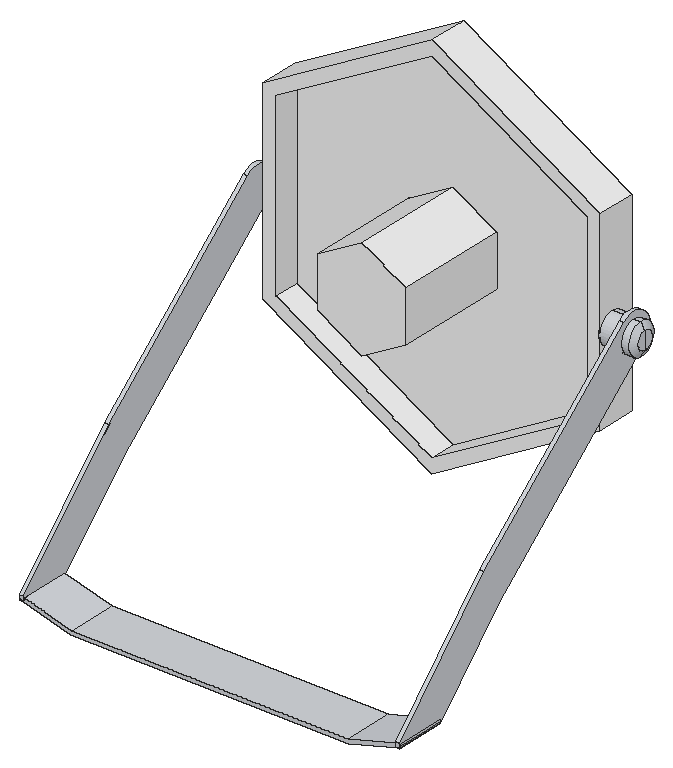
Revit family "Lighting-Proiezione-GEWISS-ESALITE-FL-PROIETTORI-LED_20K_DALI", category Apparecchi per illuminazione, host Superficie, Revit 2019
Family settings
  Host = Superficie
  Quota connettore circolare = Usa diametro
  Tipo di parte = Normale
  Taglio con vuoti quando caricato = No
  Sorgente d'illuminazione = Sì
  Condiviso = No
  Punto di calcolo locali = Sì
Parameters (values of type "GWS6445GD - ESALITE 20K ELL.4000K PRO+V.GR.DALI")
  staffa = none
  Wattage = 9.2903 W
  Versioni = "Luce naturale 4000K"
  Versione file RFA = "20.11"
  Variazione temperatura colore lampada con luminosità attenuata = (empty or 0)
  VISIBILITA' SIMBOLO [instance] = yes
  VISIBILITA' LAMPADA PIANTA-LATERALE [instance] = not(VISIBILITA' SIMBOLO)  # no
  VISIBILITA' ETICHETTA [instance] = yes
  V = 0 V
  URL = "https://www.gewiss.com/it/it"
  Tipo alimentatore = "Driver Led Dali"
  Tensione = "220/240 V - 50/60 Hz"
  Temperatura di utilizzo = "-30 +50 °C"
  Temperatura di colore: = "4000 K (CRI>80)"
  built-in parameter 1150107 = 3200 (stored number, unit not read)
  Spostamento_y_effettivo_ET [instance] = 4000 mm - Spostamento_y_ET  # 2119.2 mm
  Spostamento_y_ET [instance] = 1880.8 mm
  Spostamento_X_effettivo_ET [instance] = 4000 mm - Spostamento_X_ET  # 3850.612 mm
  Spostamento_X_ET [instance] = 149.388 mm
  Schermo = "Vetro temprato"
  Scheda Tecnica = "https://www.gewiss.com/it/it/search?q=GWS6445GD"
  SEO = "Proiettore"
  Resistenza alle sovratensioni : = "8KV in modalità comune; 6KV in modalità differenziale"
  Resistenza agli urti = "IK08"
  Default Elevation = 1219.2 mm
  Produttore = "GEWISS S.p.A."
  Potenza di sitema = "Wxxx"
  Potenza di sistema = "148W"
  Peso (kg): = "9,5"
  built-in parameter 1150110 = 1 (stored number, unit not read)
  built-in parameter 1150109 = 1 (stored number, unit not read)
  built-in parameter 1114218 = 1 (stored number, unit not read)
  built-in parameter 1150112 = 1 (stored number, unit not read)
  Ottica = "Ellittica"
  Numero poli = 1
  Modello = "GWS6445GD"
  built-in parameter 1150137 = (empty or 0)
  built-in parameter 1150132 = (empty or 0)
  Lumen output (lm) = "15800"
  Life time L90B10 (Tq 50Â°C) = "49000H"
  Life time L90B10 (Tq 25Â°C) = "100000H"
  Lampada: = "LED - Non sostituibile"
  built-in parameter 1150105 = 109.82 (stored number, unit not read)
  built-in parameter 1150102 = (empty or 0)
  Type Image = ESALITE_FL.jpg
  built-in parameter 1150106 = 1.0982 (stored number, unit not read)
  IDT = "004a6af8eacc4455a9f3b8bb677cfc2d"
  IDF = "10bc4852-3c9a-4350-9cae-ce1ac1e627c9"
  Grado di protezione = "IP66"
  Garanzia = "5 anni"
  Flusso nominale (lm) = "20000"
  Lumens = 1380 lm
  Color Filter = 16777215
  File diagramma fotometrico = "GWS6445GD.IES"
  built-in parameter 1114217 = 1 (stored number, unit not read)
  built-in parameter 1150139 = (empty or 0)
  Emetti da lunghezza linea = 20 mm
  built-in parameter 1150104 = 13.8 (stored number, unit not read)
  built-in parameter 1150115 = 1 (stored number, unit not read)
  built-in parameter 1150114 = 1 (stored number, unit not read)
  built-in parameter 1150113 = 1 (stored number, unit not read)
  Descrizione = "ESALITE 20K ELL.4000K PRO+V.GR.DALI"
  Creato da GEWISS S.p.A. = ""
  Corrente di pilotaggio. = "0,7A"
  built-in parameter 1150134 = 3
  built-in parameter 1150138 = (empty or 0)
  Colore = "Grigio RAL 9006"
  Codice Electrocod = "2444"
  Classe isolamento = "I"
  Classe di efficienza LED integrati = "A ÷ A++"
  Catalogo Serie = "ESALITE FL - 20K"
  Catalogo = "LIGHTING"
  COBie.Tagnumber = ""
  COBie.CreatedOn = ""
  COBie.CreatebBy = ""
  COBie.ComponentRegisterItemID = ""
  COBie.Component.TagNumber = ""
  COBie.Component.Space = ""
  COBie.Component.SerialNumber = ""
  COBie.Component.InstallationDate = ""
  COBie.Component.Description = ""
  COBie.Component.BarCode = ""
  Applicazione = "Interno / Esterno"
  Tilt Angle = -90.00°
  built-in parameter 1150133 = 10 (stored number, unit not read)
Types (12, lengths in mm): name | Versioni | Temperatura di colore: | Spostamento_X_effettivo_ET | Spostamento_X_ET | Scheda Tecnica | Ottica | Modello | Lumen output (lm) | IDT | Flusso nominale (lm) | File diagramma fotometrico | Descrizione
  GWS6442GD - ESALITE 20K 30° 4000K PRO+V.GR.DALI | "Luce naturale 4000K" | "4000 K (CRI>80)" | 3850.612 | 149.388 | "https://www.gewiss.com/it/it/search?q=GWS6442GD" | "30°" | "GWS6442GD" | "15500" | "74fe7ec8ca5a4c288f741cfc2e151036" | "20000" | "GWS6442GD.IES" | "ESALITE 20K 30° 4000K PRO+V.GR.DALI"
  GWS6442GD30K - ESALITE 20K 30° 3000K PRO+V.GR.DALI | "Luce calda 3000K" | "3000 K (CRI>80)" | 3850.612 | 149.388 | "https://www.gewiss.com/it/it/search?q=GWS6442GD30K" | "30°" | "GWS6442GD30K" | "14400" | "7f19f35416a249f3a85deb445c0de3ca" | "18000" | "GWS6442GD30K.IES" | "ESALITE 20K 30° 3000K PRO+V.GR.DALI"
  GWS6442GD57K - ESALITE 20K 30° 5700K PRO+V.GR.DALI | "Luce fredda 5700K" | "5700 K (CRI>80)" | 3850.612 | 149.388 | "https://www.gewiss.com/it/it/search?q=GWS6442GD57K" | "30°" | "GWS6442GD57K" | "15500" | "c21faea3f7894c688b282fc82b51f47a" | "20000" | "GWS6442GD57K.IES" | "ESALITE 20K 30° 5700K PRO+V.GR.DALI"
  GWS6443GD - ESALITE 20K 60° 4000K PRO+V.GR.DALI | "Luce naturale 4000K" | "4000 K (CRI>80)" | 3850.612 | 149.388 | "https://www.gewiss.com/it/it/search?q=GWS6443GD" | "60°" | "GWS6443GD" | "15800" | "01c9b2f5c7f74ef19ea6e6f2c101dc17" | "20000" | "GWS6443GD.IES" | "ESALITE 20K 60° 4000K PRO+V.GR.DALI"
  GWS6443GD30K - ESALITE 20K 60° 3000K PRO+V.GR.DALI | "Luce calda 3000K" | "3000 K (CRI>80)" | 3850.612 | 149.388 | "https://www.gewiss.com/it/it/search?q=GWS6443GD30K" | "60°" | "GWS6443GD30K" | "14700" | "a70aa061fa674172b8527b0303c9c38c" | "18000" | "GWS6443GD30K.IES" | "ESALITE 20K 60° 3000K PRO+V.GR.DALI"
  GWS6443GD57K - ESALITE 20K 60° 5700K PRO+V.GR.DALI | "Luce fredda 5700K" | "5700 K (CRI>80)" | 3850.612 | 149.388 | "https://www.gewiss.com/it/it/search?q=GWS6443GD57K" | "60°" | "GWS6443GD57K" | "15800" | "46456be7e51143a8af5f3f8d8a186571" | "20000" | "GWS6443GD57K.IES" | "ESALITE 20K 60° 5700K PRO+V.GR.DALI"
  GWS6444GD - ESALITE 20K 90° 4000K PRO+V.GR.DALI | "Luce naturale 4000K" | "4000 K (CRI>80)" | 3850.612 | 149.388 | "https://www.gewiss.com/it/it/search?q=GWS6444GD" | "90°" | "GWS6444GD" | "16800" | "1ffc7ff741934a15a4a6779e2344e6b0" | "20000" | "GWS6444GD.IES" | "ESALITE 20K 90° 4000K PRO+V.GR.DALI"
  GWS6444GD30K - ESALITE 20K 90° 3000K PRO+V.GR.DALI | "Luce calda 3000K" | "3000 K (CRI>80)" | 3850.612 | 149.388 | "https://www.gewiss.com/it/it/search?q=GWS6444GD30K" | "90°" | "GWS6444GD30K" | "15600" | "3ee9650593be4f9d86db4c814fd3f921" | "18000" | "GWS6444GD30K.IES" | "ESALITE 20K 90° 3000K PRO+V.GR.DALI"
  GWS6444GD57K - ESALITE 20K 90° 5700K PRO+V.GR.DALI | "Luce fredda 5700K" | "5700 K (CRI>80)" | 3850.612 | 149.388 | "https://www.gewiss.com/it/it/search?q=GWS6444GD57K" | "90°" | "GWS6444GD57K" | "16800" | "1e055781162a4bc1baae4b47b064ab99" | "20000" | "GWS6444GD57K.IES" | "ESALITE 20K 90° 5700K PRO+V.GR.DALI"
  GWS6445GD - ESALITE 20K ELL.4000K PRO+V.GR.DALI | "Luce naturale 4000K" | "4000 K (CRI>80)" | 3850.612 | 149.388 | "https://www.gewiss.com/it/it/search?q=GWS6445GD" | "Ellittica" | "GWS6445GD" | "15800" | "004a6af8eacc4455a9f3b8bb677cfc2d" | "20000" | "GWS6445GD.IES" | "ESALITE 20K ELL.4000K PRO+V.GR.DALI"
  GWS6445GD30K - ESALITE 20K ELL.3000K PRO+V.GR.DALI | "Luce calda 3000K" | "3000 K (CRI>80)" | 3850.612 | 149.388 | "https://www.gewiss.com/it/it/search?q=GWS6445GD30K" | "Ellittica" | "GWS6445GD30K" | "14700" | "938e920e7c9246f9860fee6eda662362" | "18000" | "GWS6445GD30K.IES" | "ESALITE 20K ELL.3000K PRO+V.GR.DALI"
  GWS6445GD57K - ESALITE 20K ELL.5700K PRO+V.GR.DALI | "Luce fredda 5700K" | "5700 K (CRI>80)" | 3850.6 | 149.4 | "https://www.gewiss.com/it/it/search?q=GWS6445GD57K" | "Ellittica" | "GWS6445GD57K" | "15800" | "c50ac844bd9248d5ac477fd712a3836e" | "20000" | "GWS6445GD57K.IES" | "ESALITE 20K ELL.5700K PRO+V.GR.DALI"
Reference planes
  plane 1 "Centro (Fronte/Retro)": y = 0
  plane 2: z = 0
  plane 3 "Centro (Sinistra/Destra)": x = 0
  plane 4: z = 123
  plane 5: x = 0
  plane 6: x = -3850.612
  plane 7: y = -2119.2
  plane 8: y = 0
  plane 9: through (-1779.2, -702.001, 1219.2) normal (0.4695, 0.8829, 0)
  plane 10: through (203.705, -1575.119, 1219.2) normal (-0.866, 0.5, 0)
  plane 11: x = -235.613
  plane 12: x = 230.804
  plane 13: y = 188.046
  plane 14: y = -188.046
  plane 15: x = 235.613
  plane 16: x = -287.654
  plane 17: z = 285.229
Forms (mm)
  Extrusion 1, solid, material <- "staffa"
    sketch origin (80, 0, 0) x (0, 1, 0) y (0, 0, -1)
      loop
        arc (165.701, -304.396) -> (196.85, -301.627) -> (194.11, -270.474) r 22.123
        line (194.11, -270.474) -> (-9.063, -99.991) -> (-92.184, -15.381) -> (-147.703, -15.381) -> (-147.703, -20.3) -> (-29.601, -140.518) -> (165.701, -304.396)
    from 287.654 to 292.463
  Extrusion 2, solid, material <- "staffa"
    sketch origin (0, 0, 0) x (1, 0, 0) y (0, 0, 1)
      loop
        line (-210.907, 15.044) -> (-155.301, 0) -> (155.629, 0) -> (211.236, 15.044)
        arc (211.236, 15.044) -> (212.133, 15.646) -> (212.479, 16.669) r 1.683
        line (212.479, 16.669) -> (212.479, 19.259) -> (207.67, 19.259) -> (154.261, 4.809) -> (-153.932, 4.809) -> (-207.341, 19.259) -> (-212.151, 19.259) -> (-212.151, 16.669)
        arc (-212.151, 16.669) -> (-211.804, 15.646) -> (-210.907, 15.044) r 1.683
    from 92.231 to 147.703
  Revolve 3, solid, not visible
    sketch origin (80, 179.315, 13.188) x (1, 0, 0) y (0, 0, 1)
      loop
        line (-304.219, 272.041) -> (-304.219, 262.041) -> (-299.896, 254.554) -> (-266.552, 254.554) -> (-266.552, 272.041) -> (-304.219, 272.041)
      axis (-304.219, 272.041) -> (-266.552, 272.041)
    angle from 0 to 360
  Revolve 4, solid
    sketch origin (-78.734, 179.315, 13.188) x (-1, 0, 0) y (0, 0, -1)
      loop
        line (-304.219, -272.041) -> (-266.552, -272.041) -> (-266.552, -254.554) -> (-299.896, -254.554) -> (-304.219, -262.041) -> (-304.219, -272.041)
      axis (-304.219, -272.041) -> (-266.552, -272.041)
    angle from 0 to 360
  Extrusion 5, solid, material <- "staffa"
    sketch origin (-80, 0, 0) x (0, 1, 0) y (0, 0, 1)
      loop
        line (165.701, 304.396) -> (-29.601, 140.518) -> (-147.703, 20.3) -> (-147.703, 15.381) -> (-92.184, 15.381) -> (-9.063, 99.991) -> (194.11, 270.474)
        arc (194.11, 270.474) -> (196.85, 301.627) -> (165.701, 304.396) r 22.123
    from 287.654 to 292.463
Text (mm)
  text "B-A=C" at (-2005.323, -1167.131, 0), in view "Livello rif."
  text "D+A-C=B" at (1746.792, 582.509, 0), in view "Livello rif."
Dimensions and locks
  "Spostamento_X_effettivo_ET": plane 6 to plane 5
  plane 6 to plane 3 "Centro (Sinistra/Destra)" = 3850.612 mm
  "Spostamento_y_effettivo_ET": plane 8 to plane 7
  plane 1 "Centro (Fronte/Retro)" to plane 7 = 2119.2 mm
  plane 11 to plane 12 = 466.417 mm
  plane 13 to plane 14 = 376.092 mm
  plane 12 to plane 15 = 4.809 mm
  plane 12 to plane 5 to plane 11 = 230.804 mm, 235.613 mm
  equal spacing: plane 11, plane 3 "Centro (Sinistra/Destra)", plane 15
  angle plane 9 to plane 7 = 28.00°
  angle plane 7 to plane 6 = 90.00°
  aligned and locked: plane 2 to host face
  aligned and locked: level to host face
  aligned and locked: plane 3 "Centro (Sinistra/Destra)" to imposter light
  aligned and locked: plane 5 to nested 1
  aligned and locked: nested 1 to plane 8
  aligned and locked: plane 5 to nested 5
  aligned and locked: plane 17 to nested 6
  aligned and locked: nested 6 to nested 2
  aligned and locked: plane 5 to nested 7
  aligned and locked: nested 8 to plane 2
  aligned and locked: nested 8 to nested 2
Automatic sketch dimensions
  host sketch curve to host sketch curve = 2438.4 mm  (x2)
  level to Extrusion 1 sketch curve = 15.381 mm
  plane 14 to Extrusion 1 sketch curve = 40.343 mm
  Extrusion 1 sketch curve to Extrusion 1 sketch curve = 55.519 mm
  plane 1 "Centro (Fronte/Retro)" to Extrusion 1 sketch curve = 29.601 mm
  plane 1 "Centro (Fronte/Retro)" to Extrusion 1 sketch curve = 9.063 mm
  Extrusion 1 sketch curve to plane 13 = 22.346 mm
  Extrusion 1 sketch curve to plane 17 = 2.193 mm
  Extrusion 1 sketch curve to plane 13 = 8.156 mm
  Extrusion 1 sketch curve to plane 17 = 19.167 mm
  Extrusion 1 sketch curve to plane 4 = 17.518 mm
  plane 4 to Extrusion 1 sketch curve = 23.009 mm
  Extrusion 1 sketch curve to Extrusion 1 sketch curve = 4.919 mm
  plane 13 to Extrusion 1 sketch curve = 6.064 mm
  Extrusion 1 sketch curve to Extrusion 1 sketch curve = 0 mm  (x2)
  plane 16 to Extrusion 2 sketch curve = 80.312 mm
  Extrusion 2 sketch curve to level = 0 mm
  plane 11 to Extrusion 2 sketch curve = 80.312 mm
  plane 16 to Extrusion 2 sketch curve = 77.186 mm
  Extrusion 2 sketch curve to Extrusion 2 sketch curve = 0.44 mm
  Extrusion 2 sketch curve to Extrusion 2 sketch curve = 1.683 mm
  plane 11 to Extrusion 2 sketch curve = 81.681 mm
  level to Extrusion 2 sketch curve = 4.809 mm
  Extrusion 2 sketch curve to plane 12 = 76.543 mm
  Extrusion 2 sketch curve to Extrusion 2 sketch curve = 1.369 mm
  Extrusion 2 sketch curve to plane 12 = 23.134 mm
  plane 15 to Extrusion 2 sketch curve = 24.817 mm
  plane 15 to Extrusion 2 sketch curve = 24.377 mm
  plane 15 to Extrusion 2 sketch curve = 23.134 mm
  level to Extrusion 2 sketch curve = 15.044 mm  (x2)
  Extrusion 2 sketch curve to Extrusion 2 sketch curve = 2.59 mm  (x2)
  Revolve 3 sketch curve to plane 17 = 0 mm  (x2)
  plane 11 to Revolve 3 sketch curve = 11.394 mm
  Revolve 3 sketch curve to Revolve 3 sketch curve = 4.323 mm
  Revolve 3 sketch curve to Revolve 3 sketch curve = 33.345 mm
  plane 17 to Revolve 3 sketch curve = 10 mm
  plane 17 to Revolve 3 sketch curve = 17.487 mm
  Revolve 3 sketch curve to Revolve 3 sketch curve = 0 mm  (x2)
  Revolve 4 sketch curve to plane 17 = 0 mm  (x2)
  Revolve 4 sketch curve to plane 12 = 5.319 mm
  Revolve 4 sketch curve to Revolve 4 sketch curve = 4.323 mm
  Revolve 4 sketch curve to Revolve 4 sketch curve = 33.345 mm
  plane 17 to Revolve 4 sketch curve = 10 mm
  Revolve 4 sketch curve to Revolve 4 sketch curve = 7.487 mm
  Revolve 4 sketch curve to Revolve 4 sketch curve = 0 mm  (x2)
  level to Extrusion 5 sketch curve = 15.381 mm
  plane 14 to Extrusion 5 sketch curve = 40.343 mm
  Extrusion 5 sketch curve to Extrusion 5 sketch curve = 55.519 mm
  plane 1 "Centro (Fronte/Retro)" to Extrusion 5 sketch curve = 29.601 mm
  plane 1 "Centro (Fronte/Retro)" to Extrusion 5 sketch curve = 9.063 mm
  Extrusion 5 sketch curve to plane 13 = 22.346 mm
  Extrusion 5 sketch curve to plane 17 = 2.193 mm
  Extrusion 5 sketch curve to plane 13 = 8.156 mm
  Extrusion 5 sketch curve to Extrusion 5 sketch curve = 4.919 mm
  plane 4 to Extrusion 5 sketch curve = 23.009 mm
  Extrusion 5 sketch curve to plane 4 = 17.518 mm
  Extrusion 5 sketch curve to plane 17 = 19.167 mm
  plane 13 to Extrusion 5 sketch curve = 6.064 mm
  Extrusion 5 sketch curve to Extrusion 5 sketch curve = 0 mm  (x2)
Nested families
  nested 1: "etichetta Potenza Lampada" at (0, 0, 0), visible <- "VISIBILITA' ETICHETTA", type "etichetta Potenza Lampada"
  nested 2: "ESALITE FL 20K PROIETTORE_BASE" at (0, 10, 297.451) x (0, 0, 1) z (0, 1, 0), type "ESALITE FL 20K PROIETTORE_BASE"
  nested 3: "SIMB_2D" at (0, 65, 0), visible <- "VISIBILITA' SIMBOLO", type "SIMB_2D"
  nested 4: "SIMB_2D" at (0, 0, 298.451) x (1, 0, 0) z (0, -1, 0), visible <- "VISIBILITA' SIMBOLO", type "SIMB_2D"
  nested 5: "FL_20k_front" at (0, 0, 0) x (1, 0, 0) z (0, -1, 0), visible <- "VISIBILITA' LAMPADA PIANTA-LATERALE", type "FL_20k_front"
  nested 6: "SIMB_2D" at (0, 95.461, 285.229) x (0, 1, 0) z (1, 0, 0), visible <- "VISIBILITA' SIMBOLO", type "SIMB_2D"
  nested 7: "Dal basso - FL" at (0, 49.748, 0), visible <- "VISIBILITA' LAMPADA PIANTA-LATERALE", type "Dal basso - FL"
  nested 8: "Laterale - FL" at (0, 164.69, 0) x (0, 1, 0) z (1, 0, 0), visible <- "VISIBILITA' LAMPADA PIANTA-LATERALE", type "Laterale - FL"
Connectors
  electrical at (-0.185, 65, 297.509), driven by "V", driven by "Numero poli"
    settings: on nested 2, index 1, voltage 0 V, apparent load 0 VA, apparent load phase1 0 VA, apparent load phase2 0 VA, apparent load phase3 0 VA, power factor 1, load classification "Illuminazione", number of poles 1, system type 31, power factor state 1, is connector primary yes, connector utility no, sub classification motor no, connector description ""
Definition of nested family "ESALITE FL 20K PROIETTORE_BASE"
  Parameters (values of type "ESALITE FL 20K PROIETTORE_BASE")
    Schermatura interna = none
    Default Elevation = 1219.2 mm
    LED = none
    Corpo luce = none
  Reference planes
    plane 1 "Centro (Fronte/Retro)": y = 0
    plane 2: z = 0
    plane 3 "Centro (Sinistra/Destra)": x = 0
    plane 4: x = -145.163
    plane 5: x = 145.28
    plane 6: y = 126.226
    plane 7: y = -125.856
    plane 8: y = 55.469
    plane 9: y = -55.099
    plane 10: x = -63.671
    plane 11: x = 63.788
    plane 12: y = -123.856
    plane 13: y = 124.226
    plane 14: y = -112.535
    plane 15: y = 112.905
    plane 16: y = -22
    plane 17: y = 22
    plane 18: y = -108.017
    plane 19: y = 108.387
    plane 20: through (-28.293, 49.29, 1200) normal (0.866, -0.5, 0)
    plane 21: y = 49.29
    plane 22: through (28.409, 49.29, 1200) normal (0.866, 0.5, 0)
    plane 23: through (28.409, -48.92, 1200) normal (-0.866, 0.5, 0)
    plane 24: y = -48.92
    plane 25: through (-56.644, 0.185, 1200) normal (0.866, 0.5, 0)
    plane 26: through (-31.86, 55.469, 1200) normal (0.866, -0.5, 0)
    plane 27: through (-63.778, 0.185, 1200) normal (0.866, 0.5, 0)
    plane 28: y = -55.099
    plane 29: through (63.894, 0.185, 1200) normal (0.866, -0.5, 0)
    plane 30: through (63.894, 0.185, 1200) normal (-0.866, -0.5, 0)
    plane 31: y = 55.469
    plane 32: z = 123.439
    plane 33: through (-65.51, 1.185, 1200) normal (-0.866, 0.5, 0)
    plane 34: through (-33.592, -56.099, 1200) normal (-0.866, -0.5, 0)
    plane 35: through (-65.51, 1.185, 1200) normal (-0.866, 0.5, 0)
    plane 36: y = 57.469
    plane 37: through (33.708, 56.469, 1200) normal (0.866, 0.5, 0)
    plane 38: through (65.626, -0.815, 1200) normal (0.866, -0.5, 0)
    plane 39: y = -57.099
    plane 40: y = -1
    plane 41: y = 1
    plane 42: x = -1
    plane 43: x = 0
    plane 44: y = 105.387
    plane 45: y = -105.017
    plane 46: z = 130
    plane 47: y = -103.017
    plane 48: y = 103.387
    plane 49: x = 1
    plane 50: through (-108.857, 187.546, 1200) normal (0.866, -0.5, 0)
    plane 51: y = 188.046
    plane 52: y = 174.478
    plane 53: through (-101.456, 173.228, 1200) normal (0.866, -0.5, 0)
    plane 54: through (-216.848, -0.5, 1200) normal (0.866, 0.5, 0)
    plane 55: through (-200.748, -1.25, 1200) normal (0.866, 0.5, 0)
    plane 56: y = -188.046
    plane 57: y = -174.478
    plane 58: y = 188.046
    plane 59: y = 174.478
    plane 60: through (200.748, 1.25, 1200) normal (-0.866, -0.5, 0)
    plane 61: through (216.848, 0.5, 1200) normal (-0.866, -0.5, 0)
    plane 62: through (108.857, -187.546, 1200) normal (-0.866, 0.5, 0)
    plane 63: through (101.456, -173.228, 1200) normal (-0.866, 0.5, 0)
    plane 64: z = 89
    plane 65: z = 134
    plane 66: z = 108.133
    plane 67: z = 123.439
    plane 68: z = 117.439
    plane 69: z = 128.439
    plane 70: z = 27.205
    plane 71: z = 152.205
    plane 72: z = 197.205
    plane 73: z = 199.205
    plane 74: z = 192.205
    plane 75: z = 182.205
    plane 76: z = 187.205
    plane 77: z = 184.113
  Forms (mm)
    Extrusion 1, solid, material <- "Corpo luce"
      sketch origin (0, 0, 0) x (1, 0, 0) y (0, 1, 0)
        loop
          line (-28.293, 49.29) -> (-56.644, 0.185) -> (-28.293, -48.92) -> (28.409, -48.92) -> (56.76, 0.185) -> (28.409, 49.29) -> (-28.293, 49.29)
      from 199.205 to 55
    Extrusion 2, solid, material <- "Corpo luce"
      sketch origin (0, 0, 0) x (1, 0, 0) y (0, 1, 0)
        loop
          line (108.568, -188.046) -> (217.137, 0) -> (108.568, 188.046) -> (-108.568, 188.046) -> (-217.137, 0) -> (-108.568, -188.046) -> (108.568, -188.046)
        loop
          line (100.735, -174.478) -> (201.47, 0) -> (100.735, 174.478) -> (-100.735, 174.478) -> (-201.47, 0) -> (-100.735, -174.478) -> (100.735, -174.478)
      from 152.205 to 197.205
    Extrusion 3, solid, material <- "Corpo luce"
      sketch origin (0, 0, 0) x (1, 0, 0) y (0, 1, 0)
        loop
          line (-201.47, 0) -> (-100.735, -174.478) -> (100.735, -174.478) -> (201.47, 0) -> (100.735, 174.478) -> (-100.735, 174.478) -> (-201.47, 0)
        loop
          line (-28.293, 49.29) -> (-56.644, 0.185) -> (-28.293, -48.92) -> (28.409, -48.92) -> (56.76, 0.185) -> (28.409, 49.29) -> (-28.293, 49.29)
      from 182.205 to 192.205
    Extrusion 4, void
      sketch origin (0, 0, 0) x (1, 0, 0) y (0, 1, 0)
        loop
          line (-100.597, 148.72) -> (-179.094, 12.76)
          arc (-179.094, 12.76) -> (-179.103, 5.255) -> (-172.606, 1.5) r 7.499
          line (-172.606, 1.5) -> (-96.117, 1.5)
          arc (-96.117, 1.5) -> (-93.617, 2.17) -> (-91.787, 4) r 4.999
          line (-91.787, 4) -> (-49.357, 77.49)
          arc (-49.357, 77.49) -> (-48.687, 79.99) -> (-49.357, 82.49) r 4.999
          line (-49.357, 82.49) -> (-87.608, 148.742)
          arc (-87.608, 148.742) -> (-94.109, 152.481) -> (-100.597, 148.72) r 7.499
        loop
          line (78.51, 161.48) -> (-78.51, 161.48)
          arc (-78.51, 161.48) -> (-85.001, 157.736) -> (-85.01, 150.242) r 7.499
          line (-85.01, 150.242) -> (-46.759, 83.99)
          arc (-46.759, 83.99) -> (-44.93, 82.16) -> (-42.43, 81.49) r 4.999
          line (-42.43, 81.49) -> (42.43, 81.49)
          arc (42.43, 81.49) -> (44.93, 82.16) -> (46.759, 83.99) r 4.999
          line (46.759, 83.99) -> (84.998, 150.22)
          arc (84.998, 150.22) -> (85.007, 157.725) -> (78.51, 161.48) r 7.499
        loop
          arc (49.357, 82.49) -> (48.687, 79.99) -> (49.357, 77.49) r 4.999
          line (49.357, 77.49) -> (91.787, 4)
          arc (91.787, 4) -> (93.617, 2.17) -> (96.117, 1.5) r 4.999
          line (96.117, 1.5) -> (172.606, 1.5)
          arc (172.606, 1.5) -> (179.103, 5.255) -> (179.094, 12.76) r 7.499
          line (179.094, 12.76) -> (100.597, 148.72)
          arc (100.597, 148.72) -> (94.109, 152.481) -> (87.608, 148.742) r 7.499
          line (87.608, 148.742) -> (49.357, 82.49)
        loop
          line (49.357, -82.489) -> (87.608, -148.742)
          arc (87.608, -148.742) -> (94.109, -152.48) -> (100.597, -148.72) r 7.499
          line (100.597, -148.72) -> (179.094, -12.759)
          arc (179.094, -12.759) -> (179.103, -5.255) -> (172.606, -1.5) r 7.499
          line (172.606, -1.5) -> (96.117, -1.5)
          arc (96.117, -1.5) -> (93.617, -2.169) -> (91.787, -3.999) r 4.999
          line (91.787, -3.999) -> (49.357, -77.49)
          arc (49.357, -77.49) -> (48.687, -79.99) -> (49.357, -82.489) r 4.999
        loop
          arc (-42.43, -81.489) -> (-44.93, -82.159) -> (-46.759, -83.989) r 4.999
          line (-46.759, -83.989) -> (-85.01, -150.242)
          arc (-85.01, -150.242) -> (-85.001, -157.735) -> (-78.51, -161.479) r 7.499
          line (-78.51, -161.479) -> (78.51, -161.479)
          arc (78.51, -161.479) -> (85.007, -157.724) -> (84.998, -150.22) r 7.499
          line (84.998, -150.22) -> (46.759, -83.989)
          arc (46.759, -83.989) -> (44.93, -82.159) -> (42.43, -81.489) r 4.999
          line (42.43, -81.489) -> (-42.43, -81.489)
        loop
          arc (-91.787, -3.999) -> (-93.617, -2.169) -> (-96.117, -1.5) r 4.999
          line (-96.117, -1.5) -> (-172.606, -1.5)
          arc (-172.606, -1.5) -> (-179.097, -5.244) -> (-179.107, -12.737) r 7.499
          line (-179.107, -12.737) -> (-100.584, -148.742)
          arc (-100.584, -148.742) -> (-94.096, -152.48) -> (-87.608, -148.742) r 7.499
          line (-87.608, -148.742) -> (-49.357, -82.489)
          arc (-49.357, -82.489) -> (-48.687, -79.99) -> (-49.357, -77.49) r 4.999
          line (-49.357, -77.49) -> (-91.787, -3.999)
      from 187.205 to 192.205
  Cuts and joins
    Extrusion 4 cuts Extrusion 3
  Lines and regions (mm)
    symbolic lines
      curve 1: line (0, 188.046, 0) -> (0, 193.046, 0)
  Dimensions and locks
    locked: plane 6 to plane 13 at 2
    locked: plane 7 to plane 12 at 2
    locked: plane 15 to plane 13 at 11.321
    locked: plane 12 to plane 14 at 11.321
    plane 4 to plane 5 = 290.443 mm
    plane 7 to plane 6 = 252.082 mm
    Extrusion 1 to plane 70 = 172 mm
    plane 72 to plane 71 = 45 mm
    locked: plane 72 to plane 74 at 5
    locked: plane 74 to plane 75 at 10
    locked: plane 74 to plane 76 at 5
    locked: plane 76 to plane 77 at 3.092
    aligned and locked: level to plane 2
    aligned and locked: Extrusion 1 to plane 73
    aligned and locked: Extrusion 2 to plane 72
    aligned and locked: plane 71 to Extrusion 2
    aligned and locked: Extrusion 3 to plane 74
    aligned and locked: Extrusion 3 to plane 75
    aligned and locked: Extrusion 3 to Extrusion 4
    aligned and locked: plane 76 to Extrusion 4
Definition of nested family "etichetta Potenza Lampada"
  Parameters (values of type "etichetta Potenza Lampada")
    potenza lampada = "Wxxx"
  Reference planes
    plane 1: y = 0
    plane 2: x = 0
  Text (mm)
    label "QE" at (0.073, -0.194, 0), shows "potenza lampada"
Definition of nested family "SIMB_2D"
  Reference planes
    plane 1 "Centro (Fronte/Retro)": y = 0
    plane 2: z = 0
    plane 3 "Centro (Sinistra/Destra)": x = 0
  Lines and regions (mm)
    detail lines, in view "Livello rif."
      curve 1: arc (111.745, -162.105, 0) -> (147.531, -0.161, 0) -> (111.745, 161.783, 0) r 384.317
      curve 2: arc (-22.999, -120.963, 0) -> (41.867, -149.74, 0) -> (111.745, -162.105, 0) r 293.432
      curve 3: arc (-22.999, 120.641, 0) -> (-85.303, -0.161, 0) -> (-22.999, -120.963, 0) r 148.264
      curve 4: arc (111.745, 161.783, 0) -> (41.867, 149.419, 0) -> (-22.999, 120.641, 0) r 293.432
      curve 5: line (111.745, 161.783, 0) -> (111.745, -162.105, 0)
      curve 6: line (64.515, -43.176, 0) -> (-21.885, -0.161, 0)
      curve 7: line (-21.885, -0.161, 0) -> (64.515, 43.371, 0)
      curve 8: line (64.515, 43.371, 0) -> (64.515, -43.176, 0)
      curve 9: line (-21.885, 43.113, 0) -> (-21.885, -43.434, 0)
      curve 10: line (-21.885, -0.161, 0) -> (-72.406, -0.161, 0)
      curve 11: line (64.515, 0.098, 0) -> (101.821, 0.098, 0)
Definition of nested family "FL_20k_front"
  Reference planes
    plane 1 "Centro (Fronte/Retro)": y = 0
    plane 2: z = 0
    plane 3 "Centro (Sinistra/Destra)": x = 0
  Lines and regions (mm)
    detail lines, in view "Livello rif."
      curve 1: line (-1.455, 533.77, 0) -> (-188.321, 425.882, 0)
      curve 2: arc (-188.321, 425.882, 0) -> (-188.681, 425.517, 0) -> (-188.812, 425.022, 0) r 0.999
      curve 3: line (-188.812, 425.022, 0) -> (-188.812, 209.258, 0)
      curve 4: arc (-188.812, 209.258, 0) -> (-188.681, 208.763, 0) -> (-188.321, 208.398, 0) r 0.999
      curve 5: line (-188.321, 208.398, 0) -> (-1.455, 100.51, 0)
      curve 6: arc (-1.455, 100.51, 0) -> (-0.955, 100.377, 0) -> (-0.456, 100.51, 0) r 0.999
      curve 7: line (-0.456, 100.51, 0) -> (186.41, 208.398, 0)
      curve 8: arc (186.41, 208.398, 0) -> (186.77, 208.763, 0) -> (186.901, 209.258, 0) r 0.999
      curve 9: line (186.901, 209.258, 0) -> (186.901, 425.022, 0)
      curve 10: arc (186.901, 425.022, 0) -> (186.765, 425.526, 0) -> (186.393, 425.892, 0) r 0.999
      curve 11: line (186.393, 425.892, 0) -> (-0.456, 533.77, 0)
      curve 12: arc (-0.456, 533.769, 0) -> (-0.955, 533.903, 0) -> (-1.455, 533.77, 0) r 0.999
      curve 13: line (-174.009, 215.786, 0) -> (-2.213, 116.599, 0)
      curve 14: arc (-2.213, 116.599, 0) -> (-0.956, 116.259, 0) -> (0.302, 116.599, 0) r 2.497
      curve 15: line (0.302, 116.599, 0) -> (172.098, 215.786, 0)
      curve 16: arc (172.098, 215.786, 0) -> (173.012, 216.7, 0) -> (173.347, 217.948, 0) r 2.497
      curve 17: line (173.347, 217.948, 0) -> (173.347, 416.332, 0)
      curve 18: arc (173.347, 416.332, 0) -> (173.012, 417.58, 0) -> (172.098, 418.494, 0) r 2.497
      curve 19: line (172.098, 418.494, 0) -> (0.302, 517.681, 0)
      curve 20: arc (0.302, 517.681, 0) -> (-0.956, 518.02, 0) -> (-2.213, 517.681, 0) r 2.497
      curve 21: line (-2.213, 517.681, 0) -> (-174.009, 418.494, 0)
      curve 22: arc (-174.009, 418.494, 0) -> (-174.923, 417.58, 0) -> (-175.258, 416.332, 0) r 2.497
      curve 23: line (-175.258, 416.332, 0) -> (-175.258, 217.948, 0)
      curve 24: arc (-175.258, 217.948, 0) -> (-174.923, 216.7, 0) -> (-174.009, 215.786, 0) r 2.497
      curve 25: line (-162.272, 395.571, 0) -> (-162.272, 238.709, 0)
      curve 26: arc (-162.272, 238.709, 0) -> (-158.513, 232.214, 0) -> (-151.008, 232.237, 0) r 7.491
      curve 27: line (-151.008, 232.237, 0) -> (-84.842, 270.438, 0)
      curve 28: arc (-84.842, 270.438, 0) -> (-83.027, 272.265, 0) -> (-82.363, 274.753, 0) r 4.994
      curve 29: line (-82.363, 274.753, 0) -> (-82.363, 359.527, 0)
      curve 30: arc (-82.363, 359.527, 0) -> (-83.027, 362.015, 0) -> (-84.842, 363.842, 0) r 4.994
      curve 31: line (-84.842, 363.842, 0) -> (-151.008, 402.043, 0)
      curve 32: arc (-151.008, 402.043, 0) -> (-158.513, 402.066, 0) -> (-162.272, 395.571, 0) r 7.491
      curve 33: line (-78.368, 267.833, 0) -> (-4.933, 225.435, 0)
      curve 34: arc (-4.933, 225.435, 0) -> (-3.118, 223.608, 0) -> (-2.454, 221.12, 0) r 4.994
      curve 35: line (-2.454, 221.12, 0) -> (-2.454, 144.708, 0)
      curve 36: arc (-2.454, 144.708, 0) -> (-6.2, 138.22, 0) -> (-13.691, 138.22, 0) r 7.491
      curve 37: line (-13.691, 138.22, 0) -> (-149.537, 216.651, 0)
      curve 38: arc (-149.537, 216.651, 0) -> (-153.283, 223.154, 0) -> (-149.51, 229.642, 0) r 7.491
      curve 39: line (-149.51, 229.642, 0) -> (-83.362, 267.833, 0)
      curve 40: arc (-83.362, 267.832, 0) -> (-80.865, 268.502, 0) -> (-78.368, 267.832, 0) r 4.994
      curve 41: line (-4.969, 408.824, 0) -> (-78.368, 366.447, 0)
      curve 42: arc (-78.368, 366.447, 0) -> (-80.865, 365.778, 0) -> (-83.362, 366.447, 0) r 4.994
      curve 43: line (-83.362, 366.447, 0) -> (-149.563, 404.669, 0)
      curve 44: arc (-149.563, 404.669, 0) -> (-153.283, 411.157, 0) -> (-149.537, 417.629, 0) r 7.491
      curve 45: line (-149.537, 417.629, 0) -> (-13.691, 496.06, 0)
      curve 46: arc (-13.691, 496.06, 0) -> (-6.2, 496.06, 0) -> (-2.454, 489.572, 0) r 7.491
      curve 47: line (-2.454, 489.572, 0) -> (-2.454, 413.16, 0)
      curve 48: arc (-2.454, 413.16, 0) -> (-3.128, 410.654, 0) -> (-4.969, 408.824, 0) r 4.994
      curve 49: line (147.626, 417.629, 0) -> (11.78, 496.06, 0)
      curve 50: arc (11.78, 496.06, 0) -> (4.289, 496.06, 0) -> (0.543, 489.572, 0) r 7.491
      curve 51: line (0.543, 489.572, 0) -> (0.543, 413.16, 0)
      curve 52: arc (0.543, 413.16, 0) -> (1.217, 410.654, 0) -> (3.058, 408.824, 0) r 4.994
      curve 53: line (3.058, 408.824, 0) -> (76.457, 366.447, 0)
      curve 54: arc (76.457, 366.447, 0) -> (78.954, 365.778, 0) -> (81.451, 366.447, 0) r 4.994
      curve 55: line (81.451, 366.447, 0) -> (147.652, 404.669, 0)
      curve 56: arc (147.652, 404.669, 0) -> (151.372, 411.157, 0) -> (147.626, 417.629, 0) r 7.491
      curve 57: line (82.931, 363.842, 0) -> (149.097, 402.043, 0)
      curve 58: arc (149.097, 402.043, 0) -> (156.602, 402.066, 0) -> (160.361, 395.571, 0) r 7.491
      curve 59: line (160.361, 395.571, 0) -> (160.361, 238.709, 0)
      curve 60: arc (160.361, 238.709, 0) -> (156.602, 232.214, 0) -> (149.097, 232.237, 0) r 7.491
      curve 61: line (149.097, 232.237, 0) -> (82.931, 270.438, 0)
      curve 62: arc (82.931, 270.438, 0) -> (81.116, 272.265, 0) -> (80.452, 274.753, 0) r 4.994
      curve 63: line (80.452, 274.753, 0) -> (80.452, 359.527, 0)
      curve 64: arc (80.452, 359.527, 0) -> (81.116, 362.015, 0) -> (82.931, 363.842, 0) r 4.994
      curve 65: line (-190.74, 317.39, 0) -> (-213.215, 317.39, 0)
      curve 66: line (-190.74, 281.93, 0) -> (-190.74, 317.39, 0)
      curve 67: line (-190.74, 281.93, 0) -> (-213.215, 281.93, 0)
      curve 68: line (-213.215, 281.93, 0) -> (-213.215, 317.39, 0)
      curve 69: line (-216.211, 317.639, 0) -> (-223.781, 317.639, 0)
      curve 70: line (-223.781, 317.639, 0) -> (-227.998, 310.336, 0)
      curve 71: line (-227.998, 310.336, 0) -> (-227.998, 288.972, 0)
      curve 72: line (-227.998, 288.972, 0) -> (-223.932, 281.93, 0)
      curve 73: line (-223.932, 281.93, 0) -> (-216.211, 281.93, 0)
      curve 74: line (-216.211, 317.639, 0) -> (-216.211, 66.856, 0)
      curve 75: line (-216.211, 66.856, 0) -> (-149.355, 0, 0)
      curve 76: line (-149.355, 0, 0) -> (149.355, 0, 0)
      curve 77: line (-213.211, 317.639, 0) -> (-213.211, 68.099, 0)
      curve 78: line (-213.211, 68.099, 0) -> (-148.112, 3, 0)
      curve 79: line (-148.112, 3, 0) -> (148.112, 3, 0)
      curve 80: line (216.211, 317.639, 0) -> (216.211, 66.856, 0)
      curve 81: line (216.211, 66.856, 0) -> (149.355, 0, 0)
      curve 82: line (213.211, 317.639, 0) -> (213.211, 68.099, 0)
      curve 83: line (213.211, 68.099, 0) -> (148.112, 3, 0)
      curve 84: line (190.74, 317.39, 0) -> (213.215, 317.39, 0)
      curve 85: line (190.74, 281.93, 0) -> (190.74, 317.39, 0)
      curve 86: line (190.74, 281.93, 0) -> (213.215, 281.93, 0)
      curve 87: line (213.215, 281.93, 0) -> (213.215, 317.39, 0)
      curve 88: line (216.211, 317.639, 0) -> (223.781, 317.639, 0)
      curve 89: line (223.781, 317.639, 0) -> (227.998, 310.336, 0)
      curve 90: line (227.998, 310.336, 0) -> (227.998, 288.972, 0)
      curve 91: line (227.998, 288.972, 0) -> (223.932, 281.93, 0)
      curve 92: line (223.932, 281.93, 0) -> (216.211, 281.93, 0)
      curve 93: line (78.368, 267.833, 0) -> (4.933, 225.435, 0)
      curve 94: arc (4.933, 225.435, 0) -> (3.118, 223.608, 0) -> (2.454, 221.12, 0) r 4.994
      curve 95: line (2.454, 221.12, 0) -> (2.454, 144.708, 0)
      curve 96: arc (2.454, 144.708, 0) -> (6.2, 138.22, 0) -> (13.691, 138.22, 0) r 7.491
      curve 97: line (13.691, 138.22, 0) -> (149.537, 216.651, 0)
      curve 98: arc (149.537, 216.651, 0) -> (153.283, 223.154, 0) -> (149.51, 229.642, 0) r 7.491
      curve 99: line (149.51, 229.642, 0) -> (83.362, 267.833, 0)
      curve 100: arc (83.362, 267.832, 0) -> (80.865, 268.502, 0) -> (78.368, 267.832, 0) r 4.994
Definition of nested family "Dal basso - FL"
  Reference planes
    plane 1 "Centro (Fronte/Retro)": y = 0
    plane 2: z = 0
    plane 3 "Centro (Sinistra/Destra)": x = 0
  Lines and regions (mm)
    detail lines, in view "Livello rif."
      curve 1: arc (-0.027, 61.897, 0) -> (13.195, 62.033, 0) -> (26.411, 62.456, 0) r 608.279
      curve 2: arc (-26.412, 62.456, 0) -> (-13.222, 62.033, 0) -> (-0.027, 61.897, 0) r 608.273
      curve 3: arc (-187.362, 149.403, 0) -> (-187.357, 149.32, 0) -> (-187.345, 149.239, 0) r 0.974
      curve 4: arc (-26.422, 62.752, 0) -> (-26.601, 64.172, 0) -> (-27.031, 65.537, 0) r 8
      curve 5: arc (-5.142, 55.946, 0) -> (0, 55.274, 0) -> (5.142, 55.946, 0) r 20
      curve 6: arc (-1.069, 0, 0) -> (0, -0.025, 0) -> (1.069, 0, 0) r 22.5
      curve 7: arc (-209, 146.475, 0) -> (-208.707, 145.768, 0) -> (-208, 145.475, 0) r 1
      curve 8: line (211.762, 67.69, 0) -> (211.961, 67.773, 0)
      curve 9: line (211.961, 67.773, 0) -> (212.133, 67.868, 0)
      curve 10: line (212.133, 67.868, 0) -> (212.263, 67.962, 0)
      curve 11: line (213.656, 17.527, 0) -> (213.977, 17.655, 0)
      curve 12: line (213.977, 17.655, 0) -> (214.273, 17.794, 0)
      curve 13: line (214.273, 17.794, 0) -> (214.527, 17.936, 0)
      curve 14: line (214.527, 17.936, 0) -> (214.754, 18.087, 0)
      curve 15: line (214.754, 18.087, 0) -> (214.942, 18.235, 0)
      curve 16: line (214.942, 18.235, 0) -> (215.104, 18.39, 0)
      curve 17: line (215.104, 18.39, 0) -> (215.232, 18.539, 0)
      curve 18: line (215.232, 18.539, 0) -> (215.335, 18.692, 0)
      curve 19: line (215.335, 18.692, 0) -> (215.41, 18.839, 0)
      curve 20: line (215.462, 18.987, 0) -> (215.5, 19.262, 0)
      curve 21: line (-26.383, 61.637, 0) -> (-26.411, 62.456, 0)
      curve 22: line (-26.411, 62.456, 0) -> (-26.423, 62.777, 0)
      curve 23: line (5.142, 55.946, 0) -> (26.383, 61.637, 0)
      curve 24: line (-5.142, 55.946, 0) -> (-26.383, 61.637, 0)
      curve 25: line (-26.383, 61.637, 0) -> (-25.755, 43.659, 0)
      curve 26: line (-209, 146.475, 0) -> (-209, 148.092, 0)
      curve 27: line (-209, 148.092, 0) -> (-209, 148.344, 0)
      curve 28: line (-209, 148.344, 0) -> (-209, 152.975, 0)
      curve 29: line (-209, 152.975, 0) -> (-212, 152.975, 0)
      curve 30: line (-212, 152.975, 0) -> (-212, 148.827, 0)
      curve 31: line (-212, 148.827, 0) -> (-212.5, 148.827, 0)
      curve 32: line (-208, 145.475, 0) -> (-207, 145.475, 0)
      curve 33: line (-207, 145.475, 0) -> (-205, 145.475, 0)
      curve 34: line (-205, 145.475, 0) -> (-190, 145.475, 0)
      curve 35: line (-190, 145.475, 0) -> (-190, 118.475, 0)
      curve 36: line (-190, 118.475, 0) -> (-190, 117.964, 0)
      curve 37: line (-190, 117.964, 0) -> (-181.155, 117.964, 0)
      curve 38: line (-178.632, 113.327, 0) -> (-205, 113.327, 0)
      curve 39: line (-205, 113.327, 0) -> (-207, 113.327, 0)
      curve 40: line (-207, 113.327, 0) -> (-212, 113.327, 0)
      curve 41: line (-212, 113.327, 0) -> (-212.5, 113.327, 0)
      curve 42: line (-223.085, 112.475, 0) -> (-215.5, 112.475, 0)
      curve 43: line (-215.5, 112.475, 0) -> (-223.085, 112.475, 0)
      curve 44: line (-223.085, 112.475, 0) -> (-227.3, 119.777, 0)
      curve 45: line (-227.3, 119.777, 0) -> (-227.3, 141.175, 0)
      curve 46: line (-227.3, 141.175, 0) -> (-223.085, 148.475, 0)
      curve 47: line (-223.085, 148.475, 0) -> (-215.5, 148.475, 0)
      curve 48: line (-226.483, 142.587, 0) -> (-224.9, 145.33, 0)
      curve 49: line (-225.006, 145.132, 0) -> (-226.342, 142.813, 0)
      curve 50: line (-145.737, 43.659, 0) -> (145.737, 43.659, 0)
      curve 51: line (212.5, 67.959, 0) -> (145.737, 43.659, 0)
      curve 52: line (-165.5, 0, 0) -> (165.5, 0, 0)
      curve 53: line (215.5, 18.198, 0) -> (165.5, 0, 0)
      curve 54: line (215.5, 18.198, 0) -> (215.5, 68.384, 0)
      curve 55: line (215.5, 68.384, 0) -> (215.5, 150.475, 0)
      curve 56: line (212.5, 149.268, 0) -> (212.5, 67.959, 0)
      curve 57: line (-212.5, 67.959, 0) -> (-145.737, 43.659, 0)
      curve 58: line (-212.5, 67.959, 0) -> (-212.5, 150.475, 0)
      curve 59: line (-212.5, 150.475, 0) -> (-215.5, 150.475, 0)
      curve 60: line (-215.5, 150.475, 0) -> (-215.5, 68.384, 0)
      curve 61: line (-215.5, 68.384, 0) -> (-215.5, 18.198, 0)
      curve 62: line (-215.5, 18.198, 0) -> (-165.5, 0, 0)
      curve 63: line (-188.394, 189.81, 0) -> (188.394, 189.81, 0)
      curve 64: line (188.394, 189.81, 0) -> (188.394, 148.56, 0)
      curve 65: line (-188.394, 189.81, 0) -> (-188.394, 148.852, 0)
      curve 66: line (-80.012, 72.329, 0) -> (-157.75, 91.219, 0)
      curve 67: arc (-157.75, 91.219, 0) -> (-180.257, 116.215, 0) -> (-188.394, 148.852, 0) r 69.518
      curve 68: line (-80.012, 72.329, 0) -> (-27.031, 65.537, 0)
      curve 69: line (-188.393, 148.516, 0) -> (188.394, 148.516, 0)
      curve 70: line (80.012, 72.329, 0) -> (157.75, 91.219, 0)
      curve 71: arc (157.75, 91.219, 0) -> (180.257, 116.215, 0) -> (188.394, 148.852, 0) r 69.518
      curve 72: arc (209, 146.475, 0) -> (208.707, 145.768, 0) -> (208, 145.475, 0) r 1
      curve 73: line (209, 146.475, 0) -> (209, 148.092, 0)
      curve 74: line (209, 148.092, 0) -> (209, 148.344, 0)
      curve 75: line (209, 148.344, 0) -> (209, 152.975, 0)
      curve 76: line (209, 152.975, 0) -> (212, 152.975, 0)
      curve 77: line (212, 152.975, 0) -> (212, 148.827, 0)
      curve 78: line (212, 148.827, 0) -> (212.5, 148.827, 0)
      curve 79: line (208, 145.475, 0) -> (207, 145.475, 0)
      curve 80: line (207, 145.475, 0) -> (205, 145.475, 0)
      curve 81: line (205, 145.475, 0) -> (190, 145.475, 0)
      curve 82: line (190, 145.475, 0) -> (190, 118.475, 0)
      curve 83: line (190, 118.475, 0) -> (190, 117.964, 0)
      curve 84: line (190, 117.964, 0) -> (181.155, 117.964, 0)
      curve 85: line (178.632, 113.327, 0) -> (205, 113.327, 0)
      curve 86: line (205, 113.327, 0) -> (207, 113.327, 0)
      curve 87: line (207, 113.327, 0) -> (212, 113.327, 0)
      curve 88: line (212, 113.327, 0) -> (212.5, 113.327, 0)
      curve 89: line (223.085, 112.475, 0) -> (215.5, 112.475, 0)
      curve 90: line (215.5, 112.475, 0) -> (223.085, 112.475, 0)
      curve 91: line (223.085, 112.475, 0) -> (227.3, 119.777, 0)
      curve 92: line (227.3, 119.777, 0) -> (227.3, 141.175, 0)
      curve 93: line (227.3, 141.175, 0) -> (223.085, 148.475, 0)
      curve 94: line (223.085, 148.475, 0) -> (215.5, 148.475, 0)
      curve 95: line (226.483, 142.587, 0) -> (224.9, 145.33, 0)
      curve 96: line (225.006, 145.132, 0) -> (226.342, 142.813, 0)
      curve 97: line (212.5, 149.268, 0) -> (212.5, 150.475, 0)
      curve 98: line (212.5, 150.475, 0) -> (215.5, 150.475, 0)
      curve 99: line (80.012, 72.329, 0) -> (27.031, 65.537, 0)
      curve 100: arc (26.422, 62.752, 0) -> (26.601, 64.172, 0) -> (27.031, 65.537, 0) r 8
      curve 101: line (26.383, 61.637, 0) -> (26.411, 62.456, 0)
      curve 102: line (26.411, 62.456, 0) -> (26.423, 62.777, 0)
      curve 103: line (26.383, 61.637, 0) -> (25.755, 43.659, 0)
Definition of nested family "Laterale - FL"
  Reference planes
    plane 1 "Centro (Fronte/Retro)": y = 0
    plane 2: z = 0
    plane 3 "Centro (Sinistra/Destra)": x = 0
  Lines and regions (mm)
    detail lines, in view "Livello rif."
      curve 1: line (0.016, 320.386, 0) -> (0.011, 320.108, 0)
      curve 2: line (0.011, 320.108, 0) -> (-0.01, 319.138, 0)
      curve 3: line (0.016, 314.614, 0) -> (0.007, 315.022, 0)
      curve 4: line (0.007, 315.022, 0) -> (-0.01, 315.862, 0)
      curve 5: line (0.016, 285.386, 0) -> (0.011, 285.108, 0)
      curve 6: line (0.011, 285.108, 0) -> (-0.01, 284.138, 0)
      curve 7: line (0.016, 279.614, 0) -> (0.007, 280.022, 0)
      curve 8: line (0.007, 280.022, 0) -> (-0.01, 280.862, 0)
      curve 9: arc (-54.721, 140.59, 0) -> (-44.576, 121.52, 0) -> (-25.995, 110.505, 0) r 40.003
      curve 10: arc (-25.995, 524.495, 0) -> (-44.091, 513.98, 0) -> (-54.4, 495.767, 0) r 40.003
      curve 11: arc (-72.395, 225.468, 0) -> (-71.52, 219.705, 0) -> (-70.587, 213.95, 0) r 586.117
      curve 12: line (-72.395, 225.468, 0) -> (-74.025, 236.714, 0)
      curve 13: line (-74.025, 236.714, 0) -> (-74.727, 241.723, 0)
      curve 14: line (-74.727, 241.723, 0) -> (-75.377, 246.487, 0)
      curve 15: arc (-78.843, 299.915, 0) -> (-78.367, 299.874, 0) -> (-77.89, 299.836, 0) r 63.148
      curve 16: arc (-78.011, 317.203, 0) -> (-77.98, 308.519, 0) -> (-77.89, 299.836, 0) r 1258.533
      curve 17: arc (-77.89, 335.164, 0) -> (-78.367, 335.127, 0) -> (-78.843, 335.085, 0) r 63.103
      curve 18: arc (-77.89, 335.164, 0) -> (-77.983, 326.184, 0) -> (-78.011, 317.203, 0) r 1258.593
      curve 19: line (-0.01, 315.862, 0) -> (-0.01, 319.138, 0)
      curve 20: line (-0.01, 280.862, 0) -> (-0.01, 284.138, 0)
      curve 21: arc (42.516, 533.509, 0) -> (42.216, 534.224, 0) -> (41.496, 534.509, 0) r 1
      curve 22: arc (41.496, 100.491, 0) -> (42.216, 100.776, 0) -> (42.516, 101.491, 0) r 1
      curve 23: arc (42.561, 105.084, 0) -> (42.528, 104.961, 0) -> (42.516, 104.835, 0) r 0.75
      curve 24: line (-56.798, 486.822, 0) -> (-56.495, 487.914, 0)
      curve 25: line (-56.495, 487.914, 0) -> (-55.081, 493.153, 0)
      curve 26: line (-55.081, 493.153, 0) -> (-54.401, 495.766, 0)
      curve 27: line (-75.947, 384.278, 0) -> (-56.798, 486.822, 0)
      curve 28: arc (-85.682, 307.713, 0) -> (-85.842, 307.724, 0) -> (-86.002, 307.731, 0) r 8.04
      curve 29: arc (-78.843, 299.915, 0) -> (-81.143, 305.37, 0) -> (-86.563, 307.75, 0) r 8
      curve 30: arc (-86.545, 327.25, 0) -> (-81.137, 329.637, 0) -> (-78.843, 335.085, 0) r 8
      curve 31: line (-72.389, 225.421, 0) -> (-73.876, 235.662, 0)
      curve 32: line (-73.876, 235.662, 0) -> (-74.635, 241.063, 0)
      curve 33: line (-74.635, 241.063, 0) -> (-75.92, 250.569, 0)
      curve 34: arc (0.803, 293.141, 0) -> (-11.144, 318.794, 0) -> (-36.785, 306.822, 0) r 20
      curve 35: circle (-17.984, 300, 0) r 10.7 normal (0, 0, 1)
      curve 36: line (42.516, 530.039, 0) -> (45.016, 523.307, 0)
      curve 37: line (45.016, 523.307, 0) -> (45.016, 521.067, 0)
      curve 38: line (45.016, 521.067, 0) -> (45.016, 111.693, 0)
      curve 39: line (45.016, 111.693, 0) -> (42.561, 105.084, 0)
      curve 40: line (0.016, 320.386, 0) -> (0.016, 533.673, 0)
      curve 41: line (0.016, 533.673, 0) -> (41.496, 534.509, 0)
      curve 42: line (0.016, 308.718, 0) -> (0.016, 314.614, 0)
      curve 43: line (0.016, 285.386, 0) -> (0.016, 290.979, 0)
      curve 44: line (41.496, 100.491, 0) -> (0, 101.327, 0)
      curve 45: line (0, 101.327, 0) -> (0, 279.614, 0)
      curve 46: line (42.516, 533.509, 0) -> (42.516, 425.505, 0)
      curve 47: line (42.516, 425.505, 0) -> (42.516, 209.495, 0)
      curve 48: line (42.516, 209.495, 0) -> (42.516, 101.491, 0)
      curve 49: line (0, 103.539, 0) -> (-25.995, 110.505, 0)
      curve 50: line (0.016, 531.465, 0) -> (-25.995, 524.495, 0)
      curve 51: line (-86.545, 327.25, 0) -> (-92.504, 327.042, 0)
      curve 52: line (-92.504, 327.042, 0) -> (-93.185, 327.018, 0)
      curve 53: line (-93.185, 327.018, 0) -> (-93.185, 325, 0)
      curve 54: line (-93.185, 325, 0) -> (-126.857, 325, 0)
      curve 55: line (-126.857, 325, 0) -> (-150.984, 325, 0)
      curve 56: line (-150.984, 325, 0) -> (-150.984, 310, 0)
      curve 57: line (-150.984, 310, 0) -> (-126.857, 310, 0)
      curve 58: line (-126.857, 310, 0) -> (-93.185, 310, 0)
      curve 59: line (-93.185, 310, 0) -> (-93.185, 307.982, 0)
      curve 60: line (-93.185, 307.982, 0) -> (-92.504, 307.958, 0)
      curve 61: line (-92.504, 307.958, 0) -> (-86.821, 307.759, 0)
      curve 62: line (-86.821, 307.759, 0) -> (-86.002, 307.731, 0)
      curve 63: line (0.803, 293.141, 0) -> (-80.075, 70.932, 0)
      curve 64: line (-80.075, 70.932, 0) -> (-105.397, 1.359, 0)
      curve 65: line (-105.397, 1.359, 0) -> (-105.892, 0, 0)
      curve 66: line (-105.892, 0, 0) -> (-148.459, 0, 0)
      curve 67: line (-148.459, 0, 0) -> (-147.964, 1.359, 0)
      curve 68: line (-147.964, 1.359, 0) -> (-129.197, 52.923, 0)
      curve 69: line (-129.197, 52.923, 0) -> (-36.785, 306.822, 0)
      curve 70: line (-14.984, 298.268, 0) -> (-17.984, 296.536, 0)
      curve 71: line (-17.984, 296.536, 0) -> (-20.984, 298.268, 0)
      curve 72: line (-20.984, 298.268, 0) -> (-20.984, 301.732, 0)
      curve 73: line (-20.984, 301.732, 0) -> (-17.984, 303.464, 0)
      curve 74: line (-17.984, 303.464, 0) -> (-14.984, 301.732, 0)
      curve 75: line (-14.984, 301.732, 0) -> (-14.984, 298.268, 0)
      curve 76: circle (-17.984, 300, 0) r 18 normal (0, 0, 1)
      curve 77: line (-77.89, 299.836, 0) -> (-75.92, 250.569, 0)
      curve 78: line (-77.89, 335.682, 0) -> (-75.947, 384.278, 0)
